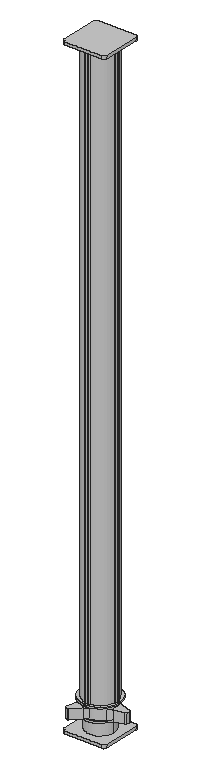
Revit family "EHL_ALUPROP 2,2-3,7_2220020", category Generic Models, Revit 2018
Family settings
  Can host rebar = No
  Round Connector Dimension = Use Diameter
  Part Type = Normal
  OmniClass Number = 35.51.14.00
  OmniClass Title = FORMWORK
  Work Plane-Based = Yes
  Always vertical = No
  Cut with Voids When Loaded = No
  Shared = Yes
  Room Calculation Point = No
Parameters (values of type "EHL_ALUPROP 2,2-3,7_2220020")
  VERSION = "20190101"  # constant formula
  URL = "www.ulmaconstruction.com/en"
  UNICLASS = ""
  Manufacturer = "ULMA CONSTRUCTION"  # constant formula
  MIN LENGTH = 2200.000 mm
  MAX LENGTH = 3700.000 mm
  ITEM_HEIGHT [instance] = if(HEIGHT < MIN LENGTH, MIN LENGTH, if(HEIGHT < MAX LENGTH, HEIGHT, MAX LENGTH))  # 2200.000 mm
  ITEM_CODE = "2220020"
  HEIGHT [instance] = 2200.000 mm
  FILTER [instance] = ""
  Default Elevation = 0.000 mm
  CLASSIFICATION_TITLE = ""
  CLASSIFICATION_NUMBER = ""
Reference planes
  plane 1 "Centro (Frontal/Posterior)": y = 0
  plane 2: z = 0
  plane 3 "Centro (Izquierda/Derecha)": x = 0
  plane 4 "ITEM_HEIGHT": z = 2200
  plane 5 "EXTERIOR TUBE": z = 58
  plane 6 "INSIDE TUBE": z = 1915
  plane 7 "NUT": z = 111
  plane 8: z = 2190
  plane 9: z = 10
  plane 10 "HEIGHT": z = 2200
Forms (mm)
  Extrusion 1, solid, material "ULMA ALUMINIUM", detail levels medium+fine
    sketch origin (0, 0, 0) x (1, 0, 0) y (0, 1, 0)
      loop
        arc (-65, 75) -> (-72.071, 72.071) -> (-75, 65) r 10
        line (-75, 65) -> (-75, -65)
        arc (-75, -65) -> (-72.071, -72.071) -> (-65, -75) r 10
        line (-65, -75) -> (65, -75)
        arc (65, -75) -> (72.071, -72.071) -> (75, -65) r 10
        line (75, -65) -> (75, 65)
        arc (75, 65) -> (72.071, 72.071) -> (65, 75) r 10
        line (65, 75) -> (-65, 75)
    from 0 to 10
  Extrusion 2, solid, material "ULMA ALUMINIUM", detail levels medium+fine
    sketch origin (0, 0, 0) x (1, 0, 0) y (0, 1, 0)
      loop
        circle (0, 0) r 47.5
    from 10 to 1915
  Extrusion 3, solid, material "ULMA ALUMINIUM", detail levels medium+fine
    sketch origin (0, 0, 740) x (1, 0, 0) y (0, 1, 0)
      loop
        arc (-65, 75) -> (-72.071, 72.071) -> (-75, 65) r 10
        line (-75, 65) -> (-75, -65)
        arc (-75, -65) -> (-72.071, -72.071) -> (-65, -75) r 10
        line (-65, -75) -> (65, -75)
        arc (65, -75) -> (72.071, -72.071) -> (75, -65) r 10
        line (75, -65) -> (75, 65)
        arc (75, 65) -> (72.071, 72.071) -> (65, 75) r 10
        line (65, 75) -> (-65, 75)
    from 1450 to 1460
  Extrusion 4, solid, material "ULMA ALUMINIUM", detail levels medium+fine
    sketch origin (0, 0, 0) x (1, 0, 0) y (0, 1, 0)
      loop
        arc (55.325, 8.668) -> (39.598, 39.598) -> (8.668, 55.325) r 56
        arc (8.668, 55.325) -> (8.221, 55.514) -> (7.916, 55.89) r 1
        line (7.916, 55.89) -> (6.404, 59.134)
        arc (6.404, 59.134) -> (5.85, 59.765) -> (5.044, 60) r 1.5
        line (5.044, 60) -> (-5.044, 60)
        arc (-5.044, 60) -> (-5.85, 59.765) -> (-6.404, 59.134) r 1.5
        line (-6.404, 59.134) -> (-7.916, 55.89)
        arc (-7.916, 55.89) -> (-8.221, 55.514) -> (-8.668, 55.325) r 1
        arc (-8.668, 55.325) -> (-39.598, 39.598) -> (-55.325, 8.668) r 56
        arc (-55.325, 8.668) -> (-55.514, 8.221) -> (-55.89, 7.916) r 1
        line (-55.89, 7.916) -> (-59.134, 6.404)
        arc (-59.134, 6.404) -> (-59.765, 5.85) -> (-60, 5.044) r 1.5
        line (-60, 5.044) -> (-60, -5.044)
        arc (-60, -5.044) -> (-59.765, -5.85) -> (-59.134, -6.404) r 1.5
        line (-59.134, -6.404) -> (-55.89, -7.916)
        arc (-55.89, -7.916) -> (-55.514, -8.221) -> (-55.325, -8.668) r 1
        arc (-55.325, -8.668) -> (-39.598, -39.598) -> (-8.668, -55.325) r 56
        arc (-8.668, -55.325) -> (-8.221, -55.514) -> (-7.916, -55.89) r 1
        line (-7.916, -55.89) -> (-6.404, -59.134)
        arc (-6.404, -59.134) -> (-5.85, -59.765) -> (-5.044, -60) r 1.5
        line (-5.044, -60) -> (5.044, -60)
        arc (5.044, -60) -> (5.85, -59.765) -> (6.404, -59.134) r 1.5
        line (6.404, -59.134) -> (7.916, -55.89)
        arc (7.916, -55.89) -> (8.221, -55.514) -> (8.668, -55.325) r 1
        arc (8.668, -55.325) -> (39.598, -39.598) -> (55.325, -8.668) r 56
        arc (55.325, -8.668) -> (55.514, -8.221) -> (55.89, -7.916) r 1
        line (55.89, -7.916) -> (59.134, -6.404)
        arc (59.134, -6.404) -> (59.765, -5.85) -> (60, -5.044) r 1.5
        line (60, -5.044) -> (60, 5.044)
        arc (60, 5.044) -> (59.765, 5.85) -> (59.134, 6.404) r 1.5
        line (59.134, 6.404) -> (55.89, 7.916)
        arc (55.89, 7.916) -> (55.514, 8.221) -> (55.325, 8.668) r 1
    from 111 to 2190
  Revolve 5, solid, material "ULMA ALUMINIUM", detail levels fine
    sketch origin (0, 0, 0) x (1, 0, 0) y (0, 0, 1)
      loop
        line (-67.5, 111) -> (-67.5, 106.7) -> (-54, 106.7) -> (-54, 62.998) -> (-62.5, 62.998) -> (-62.5, 58) -> (0, 58) -> (0, 111) -> (-67.5, 111)
      axis (0, 111) -> (0, 58)
    angle from 0 to 360
  Extrusion 6, solid, material "ULMA ALUMINIUM", detail levels fine
    sketch origin (0, 0, 0) x (1, 0, 0) y (0, 1, 0)
      loop
        line (-45.999, 42.313) -> (-49.88, 14.697) -> (12.212, 50.546) -> (-13.645, 60.992) -> (-40.109, 87.457)
        arc (-40.109, 87.457) -> (-42.401, 88.764) -> (-45.04, 88.722) r 5
        arc (-45.04, 88.722) -> (-49.75, 86.17) -> (-54.316, 83.367) r 99.5
        arc (-54.316, 83.367) -> (-55.671, 81.102) -> (-55.685, 78.464) r 5
        line (-55.685, 78.464) -> (-45.999, 42.313)
      loop
        line (59.643, 18.68) -> (37.668, 35.848) -> (37.668, -35.848) -> (59.643, -18.68) -> (95.794, -8.993)
        arc (95.794, -8.993) -> (98.072, -7.662) -> (99.356, -5.356) r 5
        arc (99.356, -5.356) -> (99.5, 0) -> (99.356, 5.356) r 99.5
        arc (99.356, 5.356) -> (98.072, 7.662) -> (95.794, 8.993) r 5
        line (95.794, 8.993) -> (59.643, 18.68)
      loop
        line (-13.645, -60.992) -> (12.212, -50.546) -> (-49.88, -14.697) -> (-45.999, -42.313) -> (-55.685, -78.464)
        arc (-55.685, -78.464) -> (-55.671, -81.102) -> (-54.316, -83.367) r 5
        arc (-54.316, -83.367) -> (-49.75, -86.17) -> (-45.04, -88.722) r 99.5
        arc (-45.04, -88.722) -> (-42.401, -88.764) -> (-40.109, -87.457) r 5
        line (-40.109, -87.457) -> (-13.645, -60.992)
    from 58 to 92.998
Cuts and joins
  joined: Revolve 5, Extrusion 6
Lines and regions (mm)
  model lines, style "ULMA ALUPROP", detail levels fine
    curve 1: circle (-58.362, 58.362, 0) r 6 normal (0, 0, 1)
    curve 2: circle (-25.831, 62.362, 0) r 6 normal (0, 0, 1)
    curve 3: circle (25.831, 62.362, 0) r 6 normal (0, 0, 1)
    curve 4: circle (58.362, 58.362, 0) r 6 normal (0, 0, 1)
    curve 5: circle (62.362, 25.831, 0) r 6 normal (0, 0, 1)
    curve 6: circle (62.362, -25.831, 0) r 6 normal (0, 0, 1)
    curve 7: circle (58.362, -58.362, 0) r 6 normal (0, 0, 1)
    curve 8: circle (25.831, -62.362, 0) r 6 normal (0, 0, 1)
    curve 9: circle (-25.831, -62.362, 0) r 6 normal (0, 0, 1)
    curve 10: circle (-58.362, -58.362, 0) r 6 normal (0, 0, 1)
    curve 11: circle (-62.362, -25.831, 0) r 6 normal (0, 0, 1)
    curve 12: circle (-62.362, 25.831, 0) r 6 normal (0, 0, 1)
    curve 13: circle (0, 0, 0) r 21 normal (0, 0, 1)
    curve 14: circle (-58.362, 58.362, 2200) r 6 normal (0, 0, 1)
    curve 15: circle (-25.831, 62.362, 2200) r 6 normal (0, 0, 1)
    curve 16: circle (25.831, 62.362, 2200) r 6 normal (0, 0, 1)
    curve 17: circle (58.362, 58.362, 2200) r 6 normal (0, 0, 1)
    curve 18: circle (62.362, 25.831, 2200) r 6 normal (0, 0, 1)
    curve 19: circle (62.362, -25.831, 2200) r 6 normal (0, 0, 1)
    curve 20: circle (58.362, -58.362, 2200) r 6 normal (0, 0, 1)
    curve 21: circle (25.831, -62.362, 2200) r 6 normal (0, 0, 1)
    curve 22: circle (-25.831, -62.362, 2200) r 6 normal (0, 0, 1)
    curve 23: circle (-58.362, -58.362, 2200) r 6 normal (0, 0, 1)
    curve 24: circle (-62.362, -25.831, 2200) r 6 normal (0, 0, 1)
    curve 25: circle (-62.362, 25.831, 2200) r 6 normal (0, 0, 1)
    curve 26: circle (0, 0, 2200) r 21 normal (0, 0, 1)
    curve 27: circle (-58.362, 58.362, 10) r 6 normal (0, 0, 1)
    curve 28: circle (-25.831, 62.362, 10) r 6 normal (0, 0, 1)
    curve 29: circle (25.831, 62.362, 10) r 6 normal (0, 0, 1)
    curve 30: circle (58.362, 58.362, 10) r 6 normal (0, 0, 1)
    curve 31: circle (62.362, 25.831, 10) r 6 normal (0, 0, 1)
    curve 32: circle (62.362, -25.831, 10) r 6 normal (0, 0, 1)
    curve 33: circle (58.362, -58.362, 10) r 6 normal (0, 0, 1)
    curve 34: circle (25.831, -62.362, 10) r 6 normal (0, 0, 1)
    curve 35: circle (-25.831, -62.362, 10) r 6 normal (0, 0, 1)
    curve 36: circle (-58.362, -58.362, 10) r 6 normal (0, 0, 1)
    curve 37: circle (-62.362, -25.831, 10) r 6 normal (0, 0, 1)
    curve 38: circle (-62.362, 25.831, 10) r 6 normal (0, 0, 1)
    curve 39: circle (-58.362, 58.362, 2190) r 6 normal (0, 0, 1)
    curve 40: circle (-25.831, 62.362, 2190) r 6 normal (0, 0, 1)
    curve 41: circle (25.831, 62.362, 2190) r 6 normal (0, 0, 1)
    curve 42: circle (58.362, 58.362, 2190) r 6 normal (0, 0, 1)
    curve 43: circle (62.362, 25.831, 2190) r 6 normal (0, 0, 1)
    curve 44: circle (62.362, -25.831, 2190) r 6 normal (0, 0, 1)
    curve 45: circle (58.362, -58.362, 2190) r 6 normal (0, 0, 1)
    curve 46: circle (25.831, -62.362, 2190) r 6 normal (0, 0, 1)
    curve 47: circle (-25.831, -62.362, 2190) r 6 normal (0, 0, 1)
    curve 48: circle (-58.362, -58.362, 2190) r 6 normal (0, 0, 1)
    curve 49: circle (-62.362, -25.831, 2190) r 6 normal (0, 0, 1)
    curve 50: circle (-62.362, 25.831, 2190) r 6 normal (0, 0, 1)
    curve 51: circle (0, 0, 58) r 47.5 normal (0, 0, 1)
  model lines, style "ULMA ALUPROP", detail levels coarse
    curve 52: circle (0, 0, 0) r 50 normal (0, 0, 1)
    curve 53: line (0, 0, 0) -> (0, 0, 2200)
Dimensions and locks
  equal spacing: plane 7 "NUT", Revolve 5 sketch curve, Revolve 5 sketch curve, plane 5 "EXTERIOR TUBE"
  locked: cut or joined group of Revolve 5, Extrusion 6 to plane 5 "EXTERIOR TUBE" at 34.998
  "ITEM_HEIGHT": plane 4 "ITEM_HEIGHT" to plane 2
  plane 4 "ITEM_HEIGHT" to plane 8 = 10.000 mm
  locked: plane 9 to plane 2 at 10
  "HEIGHT": plane 10 "HEIGHT" to plane 2
  locked: plane 6 "INSIDE TUBE" to plane 9 at 1905
  locked: plane 7 "NUT" to plane 5 "EXTERIOR TUBE" at 53
  locked: plane 8 to plane 7 "NUT" at 2079
  aligned and locked: level to plane 2
  aligned and locked: Extrusion 2 to Extrusion 1
  aligned and locked: plane 6 "INSIDE TUBE" to Extrusion 2
  aligned and locked: plane 4 "ITEM_HEIGHT" to Extrusion 3
  aligned and locked: Extrusion 4 to Extrusion 3
  aligned and locked: Extrusion 4 to plane 7 "NUT"
  aligned and locked: cut or joined group of Revolve 5, Extrusion 6 to plane 5 "EXTERIOR TUBE"
  aligned and locked: Extrusion 3 to plane 8
  aligned and locked: plane 9 to Extrusion 1
  aligned and locked: plane 4 "ITEM_HEIGHT" to curve 53
  aligned and locked: plane 2 to curve 53
Automatic sketch dimensions
  Extrusion 1 sketch curve to plane 3 "Centro (Izquierda/Derecha)" = 75.000 mm
  Extrusion 1 sketch curve to Extrusion 1 sketch curve = 10.000 mm  (x3)
  plane 3 "Centro (Izquierda/Derecha)" to Extrusion 1 sketch curve = 65.000 mm  (x2)
  plane 1 "Centro (Frontal/Posterior)" to Extrusion 1 sketch curve = 75.000 mm
  Extrusion 1 sketch curve to plane 1 "Centro (Frontal/Posterior)" = 65.000 mm
  plane 1 "Centro (Frontal/Posterior)" to Extrusion 2 sketch curve = 0.000 mm
  Extrusion 2 sketch curve to plane 3 "Centro (Izquierda/Derecha)" = 0.000 mm
  Extrusion 3 sketch curve to plane 3 "Centro (Izquierda/Derecha)" = 75.000 mm
  Extrusion 3 sketch curve to Extrusion 3 sketch curve = 10.000 mm  (x3)
  plane 3 "Centro (Izquierda/Derecha)" to Extrusion 3 sketch curve = 65.000 mm  (x2)
  plane 1 "Centro (Frontal/Posterior)" to Extrusion 3 sketch curve = 75.000 mm
  Extrusion 3 sketch curve to plane 1 "Centro (Frontal/Posterior)" = 65.000 mm
  Extrusion 4 sketch curve to Extrusion 4 sketch curve = 0.000 mm  (x20)
  plane 1 "Centro (Frontal/Posterior)" to Extrusion 4 sketch curve = 0.000 mm
  Extrusion 4 sketch curve to plane 3 "Centro (Izquierda/Derecha)" = 0.000 mm
  Extrusion 4 sketch curve to plane 3 "Centro (Izquierda/Derecha)" = 5.044 mm  (x2)
  Extrusion 4 sketch curve to Extrusion 4 sketch curve = 1.359 mm  (x4)
  Extrusion 4 sketch curve to Extrusion 4 sketch curve = 1.512 mm  (x4)
  Extrusion 4 sketch curve to Extrusion 4 sketch curve = 0.906 mm  (x8)
  plane 1 "Centro (Frontal/Posterior)" to Extrusion 4 sketch curve = 7.916 mm  (x2)
  Extrusion 4 sketch curve to plane 3 "Centro (Izquierda/Derecha)" = 55.890 mm
  Extrusion 4 sketch curve to plane 1 "Centro (Frontal/Posterior)" = 7.916 mm  (x2)
  Extrusion 4 sketch curve to Extrusion 4 sketch curve = 0.423 mm  (x8)
  Extrusion 4 sketch curve to Extrusion 4 sketch curve = 2.610 mm  (x8)
  Extrusion 4 sketch curve to plane 1 "Centro (Frontal/Posterior)" = 6.404 mm  (x2)
  Extrusion 4 sketch curve to Extrusion 4 sketch curve = 0.634 mm  (x6)
  plane 1 "Centro (Frontal/Posterior)" to Extrusion 4 sketch curve = 6.404 mm  (x2)
  Extrusion 4 sketch curve to Extrusion 4 sketch curve = 1.500 mm  (x2)
  plane 3 "Centro (Izquierda/Derecha)" to Extrusion 4 sketch curve = 5.044 mm  (x2)
  plane 3 "Centro (Izquierda/Derecha)" to Extrusion 4 sketch curve = 55.890 mm
  plane 1 "Centro (Frontal/Posterior)" to Extrusion 4 sketch curve = 55.890 mm
  Extrusion 4 sketch curve to plane 1 "Centro (Frontal/Posterior)" = 55.890 mm
  Revolve 5 sketch curve to plane 7 "NUT" = 0.000 mm  (x2)
  Revolve 5 sketch curve to plane 5 "EXTERIOR TUBE" = 0.000 mm  (x2)
  Revolve 5 sketch curve to plane 3 "Centro (Izquierda/Derecha)" = 0.000 mm  (x2)
  Revolve 5 sketch curve to plane 7 "NUT" = 4.300 mm
  Revolve 5 sketch curve to plane 3 "Centro (Izquierda/Derecha)" = 54.000 mm
  Revolve 5 sketch curve to Revolve 5 sketch curve = 8.500 mm
  Revolve 5 sketch curve to Revolve 5 sketch curve = 13.500 mm
  plane 5 "EXTERIOR TUBE" to Revolve 5 sketch curve = 4.998 mm
  Extrusion 6 sketch curve to Extrusion 6 sketch curve = 0.000 mm  (x7)
  plane 1 "Centro (Frontal/Posterior)" to Extrusion 6 sketch curve = 0.000 mm
  Extrusion 6 sketch curve to plane 3 "Centro (Izquierda/Derecha)" = 0.000 mm
  Extrusion 6 sketch curve to plane 3 "Centro (Izquierda/Derecha)" = 13.645 mm  (x2)
  Extrusion 6 sketch curve to Extrusion 6 sketch curve = 26.464 mm  (x2)
  Extrusion 6 sketch curve to Extrusion 6 sketch curve = 3.536 mm  (x4)
  Extrusion 6 sketch curve to Extrusion 6 sketch curve = 32.354 mm  (x2)
  plane 1 "Centro (Frontal/Posterior)" to Extrusion 6 sketch curve = 14.697 mm
  Extrusion 6 sketch curve to Extrusion 6 sketch curve = 3.881 mm  (x2)
  Extrusion 6 sketch curve to plane 1 "Centro (Frontal/Posterior)" = 14.697 mm
  Extrusion 6 sketch curve to Extrusion 6 sketch curve = 7.211 mm  (x2)
  Extrusion 6 sketch curve to Extrusion 6 sketch curve = 4.830 mm  (x2)
  plane 3 "Centro (Izquierda/Derecha)" to Extrusion 6 sketch curve = 12.212 mm  (x2)
  Extrusion 6 sketch curve to Extrusion 6 sketch curve = 25.457 mm
  plane 1 "Centro (Frontal/Posterior)" to Extrusion 6 sketch curve = 18.680 mm
  Extrusion 6 sketch curve to Extrusion 6 sketch curve = 21.975 mm  (x2)
  Extrusion 6 sketch curve to plane 1 "Centro (Frontal/Posterior)" = 18.680 mm
  Extrusion 6 sketch curve to plane 1 "Centro (Frontal/Posterior)" = 4.163 mm
  Extrusion 6 sketch curve to Extrusion 6 sketch curve = 34.857 mm
  plane 1 "Centro (Frontal/Posterior)" to Extrusion 6 sketch curve = 4.163 mm
  plane 1 "Centro (Frontal/Posterior)" to Extrusion 6 sketch curve = 8.993 mm
  Extrusion 6 sketch curve to Extrusion 6 sketch curve = 1.294 mm  (x4)
  Extrusion 6 sketch curve to plane 1 "Centro (Frontal/Posterior)" = 8.993 mm
  Extrusion 6 sketch curve to Extrusion 6 sketch curve = 17.169 mm  (x2)
  Extrusion 6 sketch curve to Extrusion 6 sketch curve = 27.615 mm  (x2)
  Extrusion 6 sketch curve to Extrusion 6 sketch curve = 14.697 mm  (x2)
  Extrusion 6 sketch curve to Extrusion 6 sketch curve = 10.447 mm  (x2)
  Extrusion 6 sketch curve to Extrusion 6 sketch curve = 36.151 mm  (x2)
  Extrusion 6 sketch curve to Extrusion 6 sketch curve = 4.163 mm  (x2)
  Extrusion 6 sketch curve to Extrusion 6 sketch curve = 1.395 mm  (x2)
  Extrusion 6 sketch curve to Extrusion 6 sketch curve = 4.856 mm
  curve 25 to Extrusion 3 = 12.638 mm
  curve 24 to Extrusion 3 = 12.638 mm
  curve 23 to Extrusion 3 = 16.638 mm  (x2)
  curve 14 to Extrusion 3 = 16.638 mm  (x2)
  curve 22 to Extrusion 3 = 12.638 mm
  curve 23 to curve 22 = 32.531 mm
  curve 15 to Extrusion 3 = 12.638 mm
  curve 14 to curve 15 = 32.531 mm
  curve 15 to curve 26 = 25.831 mm
  curve 16 to Extrusion 3 = 12.638 mm
  curve 16 to Extrusion 3 = 49.169 mm
  curve 21 to Extrusion 3 = 12.638 mm
  curve 21 to Extrusion 3 = 49.169 mm
  curve 17 to Extrusion 3 = 16.638 mm  (x2)
  curve 20 to Extrusion 3 = 16.638 mm  (x2)
  curve 18 to Extrusion 3 = 12.638 mm
  curve 19 to Extrusion 3 = 12.638 mm
  curve 20 to curve 19 = 32.531 mm
  curve 23 to curve 24 = 32.531 mm
  curve 26 to curve 15 = 62.362 mm
  curve 25 to Extrusion 3 = 49.169 mm
  curve 18 to Extrusion 3 = 49.169 mm
  curve 37 to Extrusion 1 = 12.638 mm
  curve 38 to Extrusion 1 = 12.638 mm
  curve 36 to Extrusion 1 = 16.638 mm  (x2)
  curve 27 to Extrusion 1 = 16.638 mm  (x2)
  curve 28 to Extrusion 1 = 12.638 mm
  curve 27 to curve 28 = 32.531 mm
  curve 35 to Extrusion 1 = 12.638 mm
  curve 36 to curve 35 = 32.531 mm
  curve 34 to Extrusion 1 = 12.638 mm
  curve 34 to Extrusion 1 = 49.169 mm
  curve 29 to Extrusion 1 = 12.638 mm
  curve 29 to Extrusion 1 = 49.169 mm
  curve 30 to Extrusion 1 = 16.638 mm  (x2)
  curve 33 to Extrusion 1 = 16.638 mm  (x2)
  curve 32 to Extrusion 1 = 12.638 mm
  curve 31 to Extrusion 1 = 12.638 mm
  curve 33 to curve 32 = 32.531 mm
  curve 36 to curve 37 = 32.531 mm
  curve 38 to Extrusion 1 = 49.169 mm
  curve 31 to Extrusion 1 = 49.169 mm
  Extrusion 3 to curve 49 = 12.638 mm
  Extrusion 3 to curve 50 = 12.638 mm
  Extrusion 3 to curve 48 = 16.638 mm  (x2)
  Extrusion 3 to curve 39 = 16.638 mm  (x2)
  Extrusion 3 to curve 40 = 12.638 mm
  curve 39 to curve 40 = 32.531 mm
  Extrusion 3 to curve 47 = 12.638 mm
  curve 48 to curve 47 = 32.531 mm
  Extrusion 3 to curve 46 = 12.638 mm
  Extrusion 3 to curve 46 = 49.169 mm
  Extrusion 3 to curve 41 = 12.638 mm
  Extrusion 3 to curve 41 = 49.169 mm
  Extrusion 3 to curve 42 = 16.638 mm  (x2)
  Extrusion 3 to curve 45 = 16.638 mm  (x2)
  Extrusion 3 to curve 44 = 12.638 mm
  Extrusion 3 to curve 43 = 12.638 mm
  curve 45 to curve 44 = 32.531 mm
  curve 48 to curve 49 = 32.531 mm
  Extrusion 3 to curve 50 = 49.169 mm
  Extrusion 3 to curve 43 = 49.169 mm
  curve 13 to curve 52 = 0.000 mm  (x2)
  plane 1 "Centro (Frontal/Posterior)" to curve 13 = 0.000 mm
  curve 13 to plane 3 "Centro (Izquierda/Derecha)" = 0.000 mm
  curve 2 to plane 3 "Centro (Izquierda/Derecha)" = 25.831 mm
  curve 9 to plane 3 "Centro (Izquierda/Derecha)" = 25.831 mm
  curve 1 to curve 2 = 32.531 mm
  curve 10 to curve 9 = 32.531 mm
  curve 12 to curve 1 = 4.000 mm
  curve 11 to curve 10 = 4.000 mm
  plane 3 "Centro (Izquierda/Derecha)" to curve 8 = 25.831 mm
  plane 3 "Centro (Izquierda/Derecha)" to curve 3 = 25.831 mm
  curve 3 to curve 4 = 32.531 mm
  curve 8 to curve 7 = 32.531 mm
  curve 4 to curve 5 = 4.000 mm
  curve 7 to curve 6 = 4.000 mm
  plane 1 "Centro (Frontal/Posterior)" to curve 11 = 25.831 mm
  plane 1 "Centro (Frontal/Posterior)" to curve 6 = 25.831 mm
  curve 7 to curve 6 = 32.531 mm
  curve 10 to curve 11 = 32.531 mm
  curve 8 to curve 7 = 4.000 mm
  curve 9 to curve 10 = 4.000 mm
  curve 12 to plane 1 "Centro (Frontal/Posterior)" = 25.831 mm
  curve 5 to plane 1 "Centro (Frontal/Posterior)" = 25.831 mm
  curve 12 to curve 1 = 32.531 mm
  curve 5 to curve 4 = 32.531 mm
  curve 1 to curve 2 = 4.000 mm
  curve 4 to curve 3 = 4.000 mm
  curve 53 to plane 3 "Centro (Izquierda/Derecha)" = 0.000 mm
  radius of Extrusion 2 sketch curve = 47.500 mm
  radius of curve 14 = 6.000 mm
  radius of curve 15 = 6.000 mm
  radius of curve 16 = 6.000 mm
  radius of curve 17 = 6.000 mm
  radius of curve 18 = 6.000 mm
  radius of curve 19 = 6.000 mm
  radius of curve 20 = 6.000 mm
  radius of curve 21 = 6.000 mm
  radius of curve 22 = 6.000 mm
  radius of curve 23 = 6.000 mm
  radius of curve 24 = 6.000 mm
  radius of curve 25 = 6.000 mm
  radius of curve 26 = 21.000 mm
  radius of curve 27 = 6.000 mm
  radius of curve 28 = 6.000 mm
  radius of curve 29 = 6.000 mm
  radius of curve 30 = 6.000 mm
  radius of curve 31 = 6.000 mm
  radius of curve 32 = 6.000 mm
  radius of curve 33 = 6.000 mm
  radius of curve 34 = 6.000 mm
  radius of curve 35 = 6.000 mm
  radius of curve 36 = 6.000 mm
  radius of curve 37 = 6.000 mm
  radius of curve 38 = 6.000 mm
  radius of curve 39 = 6.000 mm
  radius of curve 40 = 6.000 mm
  radius of curve 41 = 6.000 mm
  radius of curve 42 = 6.000 mm
  radius of curve 43 = 6.000 mm
  radius of curve 44 = 6.000 mm
  radius of curve 45 = 6.000 mm
  radius of curve 46 = 6.000 mm
  radius of curve 47 = 6.000 mm
  radius of curve 48 = 6.000 mm
  radius of curve 49 = 6.000 mm
  radius of curve 50 = 6.000 mm
  radius of curve 51 to Revolve 5 = 15.000 mm
  radius of curve 1 = 6.000 mm
  radius of curve 2 = 6.000 mm
  radius of curve 3 = 6.000 mm
  radius of curve 4 = 6.000 mm
  radius of curve 5 = 6.000 mm
  radius of curve 6 = 6.000 mm
  radius of curve 7 = 6.000 mm
  radius of curve 8 = 6.000 mm
  radius of curve 9 = 6.000 mm
  radius of curve 10 = 6.000 mm
  radius of curve 11 = 6.000 mm
  radius of curve 12 = 6.000 mm
  radius of curve 13 = 21.000 mm
  radius of curve 52 = 50.000 mm
